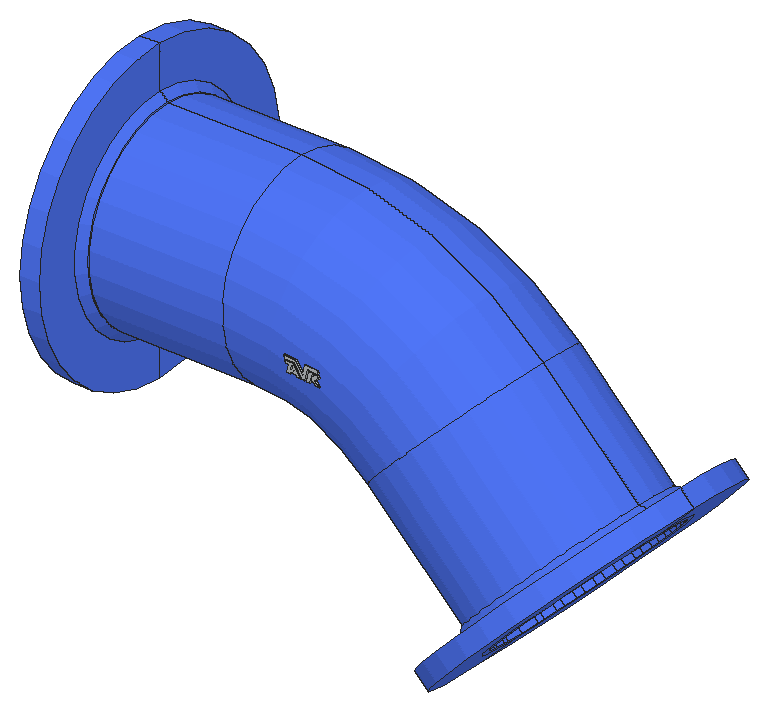
Revit family "712-0250-04-201-DN250", category Pipe Accessories, Revit 2019
Family settings
  Round Connector Dimension = Use Diameter
  Part Type = Valve - Breaks Into
  Work Plane-Based = No
  Always vertical = Yes
  Cut with Voids When Loaded = No
  Shared = No
Parameters (values of type "DN250_PN10/16")
  Search_Table = "712-0420-001-DN40-300"
  Rf_Dia = size_lookup(Search_Table, "Rf_Dia", 0 mm, [Nominal Diameter(DN)]) / 2  # 159.5 mm
  RF_Thick = size_lookup(Search_Table, "Rf_Thickness", 0 mm, [Nominal Diameter(DN)])  # 4 mm
  L_Ref = size_lookup(Search_Table, "L_Ref", 0 mm, [Nominal Diameter(DN)])  # 120 mm
  L = size_lookup(Search_Table, "L", 0 mm, [Nominal Diameter(DN)])  # 350 mm
  ID(Radius) = [Nominal Diameter(DN)] / 2  # 125 mm
  Flange_thickness = size_lookup(Search_Table, "Flange_thickness", 0 mm, [Nominal Diameter(DN)])  # 26 mm
  Nominal Diameter(DN) = 250 mm
  FOD = size_lookup(Search_Table, "FOD", 0 mm, [Nominal Diameter(DN)]) / 2  # 200 mm
  URL product pages = "https://www.avkvalves.com/P.aspx?no=712004043201"
  Description_ = "AVK FLANGED PIPE W/LOOSE FLANGES"
  DN250_PN16 = "712-0250-04-201"
  DN250_PN10/16 = yes
  DN250_PN10 = "712-0250-04-200"
  Body_wallthickness = 15 mm + [Nominal Diameter(DN)]  # 265 mm
Reference planes
  plane 1 "Center (Front/Back)": y = 0
  plane 2: z = 0
  plane 3 "Center (Left/Right)": x = 0
  plane 4: z = 0
  plane 5: x = 350
  plane 6: through (350, -1524, 0) normal (-0.7071, 0, 0.7071)
  plane 7: through (350, -1524, 0) normal (0.7071, 0, 0.7071)
Forms (mm)
  Sweep 1, solid, material "Plastic", visible <- "DN250_PN10/16"
    path origin (0, 0, -485) x (1, 0, 0) y (0, 0, 1)
      loop
        line (0, 485) -> (215.381, 485)
        arc (215.381, 485) -> (339.753, 460.261) -> (445.19, 389.81) r 325
        line (445.19, 389.81) -> (597.487, 237.513)
    profile origin (107.69, 0, 0) x (0, 0, 1) y (0, -1, 0)
      loop
        circle (0, 0) r 132.5
  Sweep 2, void
    path origin (0, 0, -485) x (1, 0, 0) y (0, 0, 1)
      loop
        line (0, 485) -> (215.381, 485)
        arc (215.381, 485) -> (339.753, 460.261) -> (445.19, 389.81) r 325
        line (445.19, 389.81) -> (597.487, 237.513)
    profile origin (107.69, 0, 0) x (0, 0, 1) y (0, -1, 0)
      loop
        circle (0, 0) r 125
  Revolve 3, solid, material "Plastic", visible <- "DN250_PN10/16"
    sketch origin (0, 0, -485) x (1, 0, 0) y (0, 0, 1)
      loop
        line (0, 685) -> (0, 610) -> (26, 610) -> (26, 685) -> (0, 685)
      axis (0, 485) -> (26, 485)
    angle from 0 to 360
  Revolve 4, solid, material "Plastic", visible <- "DN250_PN10/16"
    sketch origin (0, 0, -485) x (1, 0, 0) y (0, 0, 1)
      loop
        line (685.876, 325.901) -> (738.909, 378.934) -> (720.524, 397.319) -> (667.491, 344.286) -> (685.876, 325.901)
      axis (597.487, 237.513) -> (579.103, 255.897)
    angle from 0 to 360
  Revolve 5, solid, material "Plastic", visible <- "DN250_PN10/16"
    sketch origin (0, 0, -485) x (1, 0, 0) y (0, 0, 1)
      loop
        line (26, 485) -> (36.607, 485) -> (36.607, 617.836) -> (26, 628.443) -> (26, 485)
      axis (26, 485) -> (36.607, 485)
    angle from 0 to 360
  Revolve 6, solid, material "Plastic", visible <- "DN250_PN10/16"
    sketch origin (0, 0, -485) x (1, 0, 0) y (0, 0, 1)
      loop
        line (579.103, 255.897) -> (680.955, 357.75) -> (665.399, 357.75) -> (571.324, 263.676) -> (579.103, 255.897)
      axis (571.324, 263.676) -> (579.103, 255.897)
    angle from 0 to 360
  Extrusion 7, solid, material "Plastic", visible <- "DN250_PN10/16"
    sketch origin (0, 0, -485) x (1, 0, 0) y (0, 0, 1)
      loop
        line (254.075, 364.441) -> (254.075, 322.107)
        arc (254.075, 322.107) -> (276.575, 299.607) -> (299.075, 322.107) r 22.5
        line (299.075, 322.107) -> (299.075, 364.441) -> (254.075, 364.441)
      loop
        circle (276.575, 322.107) r 12
    from 5.963 to -5.963
Cuts and joins
  Sweep 2 cuts Sweep 1
Dimensions and locks
  "L": plane 5 to plane 3 "Center (Left/Right)"
  "L": plane 6 to Sweep 1 sketch curve
  "L": plane 6 to Sweep 1
  "ID(Radius)": Revolve 3 sketch curve to plane 4
  "FOD": Revolve 3 sketch curve to plane 4
  "Flange_thickness": Revolve 3 sketch curve to plane 3 "Center (Left/Right)"
  "ID(Radius)": Revolve 4 sketch curve to plane 7
  "FOD": Revolve 4 sketch curve to plane 7
  "Flange_thickness": cut or joined group of Sweep 1, Sweep 2 to Revolve 4 sketch curve
  locked: Revolve 3 to Revolve 5 sketch curve at 10.607
  Revolve 6 sketch curve to Revolve 4 = 11 mm
  equal spacing: Extrusion 7, plane 1 "Center (Front/Back)", Extrusion 7
  "Body_wallthickness": diameter of Sweep 1 sketch curve
  "Nominal Diameter(DN)": diameter of Sweep 2 sketch curve
  locked: Revolve 3 to Revolve 5 sketch curve (angle 45.00°)
  locked: Revolve 6 sketch curve to Revolve 4 (angle 45.00°)
  aligned and locked: level to plane 2
  aligned and locked: plane 3 "Center (Left/Right)" to Revolve 3 sketch curve  (x2)
  aligned and locked: Revolve 3 sketch curve to plane 4
  aligned and locked: cut or joined group of Sweep 1, Sweep 2 to Revolve 4 sketch curve
  aligned and locked: Revolve 4 sketch curve to plane 7
  aligned and locked: Revolve 5 sketch curve to Revolve 3
  aligned and locked: Revolve 5 sketch curve to Revolve 5 sketch curve
  aligned and locked: Revolve 6 sketch curve to plane 7  (x2)
Automatic sketch dimensions
  Sweep 2 sketch curve to plane 3 "Center (Left/Right)" = 0 mm
  Sweep 2 sketch curve to plane 4 = 0 mm
  Sweep 2 sketch curve to plane 7 = 0 mm  (x2)
  Sweep 2 sketch curve to plane 5 = 134.619 mm
  Sweep 2 sketch curve to plane 4 = 95.19 mm
  Sweep 2 sketch curve to level = 247.487 mm
  Revolve 5 sketch curve to plane 4 = 0 mm
  Revolve 5 sketch curve to Revolve 5 sketch curve = 132.836 mm
  Revolve 5 sketch curve to Revolve 5 sketch curve = 0 mm
  Revolve 5 sketch curve to Revolve 5 sketch curve = 19.393 mm
  Revolve 6 sketch curve to plane 4 = 229.103 mm
  Revolve 6 sketch curve to plane 4 = 127.25 mm
  Revolve 6 sketch curve to plane 4 = 210.718 mm
  Revolve 6 sketch curve to plane 4 = 239.002 mm
  Extrusion 7 sketch curve to Extrusion 7 sketch curve = 0 mm  (x2)
  Extrusion 7 sketch curve to plane 5 = 95.925 mm
  Extrusion 7 sketch curve to Extrusion 7 sketch curve = 22.5 mm
  Extrusion 7 sketch curve to plane 4 = 162.893 mm
  Extrusion 7 sketch curve to Extrusion 7 sketch curve = 42.334 mm
  Sweep 1 sketch curve to level = 0 mm
  Sweep 1 sketch curve to plane 3 "Center (Left/Right)" = 0 mm
  Sweep 1 sketch curve to plane 7 = 0 mm  (x2)
  Sweep 1 sketch curve to plane 5 = 134.619 mm
  Sweep 1 sketch curve to level = 95.19 mm
  Sweep 1 sketch curve to plane 1 "Center (Front/Back)" = 0 mm
  profile plane to Sweep 1 sketch curve = 0 mm
  Sweep 2 sketch curve to plane 1 "Center (Front/Back)" = 0 mm
  profile plane to Sweep 2 sketch curve = 0 mm
  plane 3 "Center (Left/Right)" to Revolve 3 sketch curve = 35 mm
  Revolve 4 sketch curve to level = 247.487 mm
  Revolve 4 sketch curve to level = 229.103 mm
  radius of Extrusion 7 sketch curve = 12 mm
Nested families
  nested 1: "LOGO - Copy - Copy" at (323.897, -129.06, -50.682) x (0.9965, -0.0814, -0.0176) z (-0.0833, -0.974, -0.2105), type "LOGO - Copy - Copy"
Connectors
  piping at (597.487, 0, -247.487), diameter 250, driven by "Nominal Diameter(DN)"
    settings: on Revolve 4, index 1, connector inside diameter 609.6 mm, connector length 0 mm, flow factor 0, pipe flow 0.0 L/s, pressure drop 0.0 Pa, fitting loss kfactor 0, connector angle 0.00°, fixture units 0, engagement length 0 mm, angle of deflection 0.00°, flow configuration 0, flow direction 0, fitting loss method 0, system type 7, joint type 0, gender type 0, connector reference index -1, connector utility 0, adjustable connector no, is connector primary yes, connector description ""
  piping at (0, 0, 0), diameter 250, driven by "Nominal Diameter(DN)"
    settings: on Revolve 3, index 2, connector inside diameter 609.6 mm, connector length 0 mm, flow factor 0, pipe flow 0.0 L/s, pressure drop 0.0 Pa, fitting loss kfactor 0, connector angle 0.00°, fixture units 0, engagement length 0 mm, angle of deflection 0.00°, flow configuration 0, flow direction 0, fitting loss method 0, system type 19, joint type 0, gender type 0, connector reference index -1, connector utility 0, adjustable connector no, is connector primary no, connector description ""
Definition of nested family "LOGO - Copy - Copy"
  Parameters (values of type "LOGO - Copy - Copy")
    Default Elevation = 1219.2 mm
  Reference planes
    plane 1 "Center (Front/Back)": y = 0
    plane 2: z = 0
    plane 3 "Center (Left/Right)": x = 0
  Forms (mm)
    Extrusion 1, solid
      sketch origin (0, 0, 0) x (1, 0, 0) y (0, 1, 0)
        loop
          line (-1219.2, 1219.2) -> (-1219.2, -1219.2) -> (1219.2, -1219.2) -> (1219.2, 1219.2) -> (-1219.2, 1219.2)
      from 0 to -304.8
    Extrusion 2, solid
      sketch origin (0, 0, 0) x (1, 0, 0) y (0, 1, 0)
        loop
          line (-6.514, 34.224) -> (-24, 34.224) -> (-24, 29.481) -> (-9.766, 29.481) -> (-2.391, 11.367) -> (2.391, 11.367) -> (9.766, 29.481) -> (24, 29.481) -> (24, 34.224) -> (6.514, 34.224) -> (0, 18.224) -> (-6.514, 34.224)
        loop
          line (-10.996, 27.653) -> (-24, 27.653) -> (-24, 23.081) -> (-19.503, 23.081) -> (-24, 11.367) -> (-18.92, 11.367) -> (-17.955, 13.881) -> (-10.51, 13.881) -> (-9.486, 11.367) -> (-4.365, 11.367) -> (-10.996, 27.653)
        loop
          line (-16.777, 18.224) -> (-12.278, 18.224) -> (-14.594, 23.912) -> (-16.777, 18.224)
        loop
          line (4.365, 11.367) -> (9.486, 11.367) -> (12.093, 17.77) -> (16.918, 11.367) -> (22.857, 11.367) -> (17.399, 18.61)
          arc (17.399, 18.61) -> (20.583, 20.18) -> (22.629, 23.081) r 7.2
          line (22.629, 23.081) -> (24, 23.081) -> (24, 27.653) -> (19.429, 27.653)
          arc (19.429, 27.653) -> (17.763, 23.526) -> (13.699, 21.714) r 5.943
          line (13.699, 21.714) -> (16.117, 27.653) -> (10.996, 27.653) -> (4.365, 11.367)
      from 0 to 1
  Dimensions and locks
    aligned and locked: plane 2 to Extrusion 1
    aligned and locked: level to Extrusion 1
    aligned and locked: Extrusion 2 sketch curve to import instance
